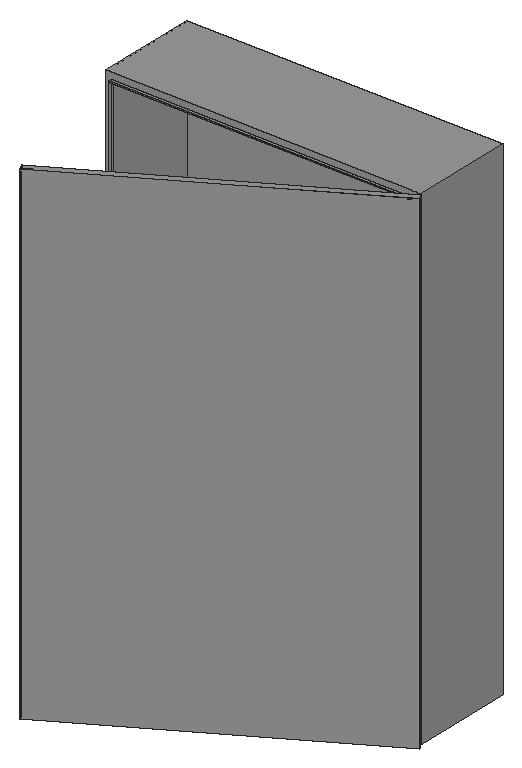
Revit family "Hager-Univers-IP55-D275-H1250-Cl.I-Steel_encl-NoHosted-AT-de", category Equipement électrique, Revit 2020
Family settings
  Configuration du panneau = Deux colonnes, circuits au sein
  Cote de connecteur circulaire = Utiliser le diamètre
  Type d'élément = Tableau de raccordement
  Basée sur le plan de construction = Oui
  Toujours verticalement = Oui
  Couper avec des vides une fois chargée = Non
  Partagée = Non
  Point de calcul de pièce = Non
Parameters (values of type "Aufputz IP55 B800 H1250 T275  - FR83E")
  Width Control [instance] = if([EF000008 - Breite] > Min Width, [EF000008 - Breite], Min Width)  # 800 mm
  Commentaires du type = [HG000003 - Bereich]  # "Univers"
  Thickness Door [instance] = if([EF009171 - Materialstärke Tür/Deckel] > 3 mm, 3 mm, [EF009171 - Materialstärke Tür/Deckel])  # 1.5 mm
  Seal Frame Offset [instance] = 17 mm  # constant formula
  Plinth Visibility [instance] = [HG000027 - Sockelhöhe] > 0 mm  # no
  Min Width [instance] = 100 mm  # constant formula
  Min Depth [instance] = (2 * [EF009170 - Materialstärke Gehäuse]) + 1 mm  # 4 mm
  Min Height [instance] = 100 mm  # constant formula
  Internal Frame Depth [instance] = (Door System Depth * 0.5)  # 9 mm
  Panel Name [instance] = ""  # (empty or 0)
  Model = ""
  HG000027 - Sockelhöhe = 0 mm
  HG000026 - Stehend auf dem Boden = no
  HG000024 - Höhe des unteren Teils = 600 mm
  HG000023 - Gehäuse mit doppeltem Querschnitt = no
  HG000016 - 3D-Türsichtbarkeit [instance] = yes
  HG000015 - Sichtbarkeit der Türöffnung [instance] = no
  HG000014 - Tür rechts [instance] = yes
  HG000013 - Tür links [instance] = not([HG000014 - Tür rechts])  # no
  HG000012 - Türschwenkwinkel [instance] = 30.00°
  HG000010 - Asymmetrische Türen = no
  HG000009 - Doppelflügeligen Tür = no
  HG000006 - Unterputz = no
  HG000004 - Herstellerreferenz = "FR83E"
  HG000003 - Bereich = "Univers"
  HG000002 - Mit tür = yes
  Frame Offset Bottom [instance] = 10 mm  # constant formula
  Frame Offset [instance] = 15 mm  # constant formula
  EF015940 - Deckel mit Überdruckentlastung = no
  EF011959 - Schutzart (NEMA) = ""
  EF009554 - Anzahl der Öffnungen für Flanschplatten = 6
  EF009212 - Ausführung Deckel = "EV000116 - geschlossen"
  EF009171 - Materialstärke Tür/Deckel = 1.5 mm
  EF009170 - Materialstärke Gehäuse = 1.5 mm
  EF008873 - Nennstrom (In) = 800 A
  EF007800 - Geeignet für Blitzschutz = no
  EF006306 - Mit Schloss = no
  EF006244 - Transparenter Deckel/Tür = no
  EF005474 - Schutzart (IP) = "EV006420 - IP55"
  EF004464 - Art der Tür = "EV002646 - Einzel"
  EF004427 - Anzahl der Module = 288
  EF004293 - Schlagfestigkeit = "EV008784 - IK10"
  EF003532 - Geeignet für Außengebrauch = no
  EF002950 - Breite in Teilungseinheiten = 24
  EF001613 - Funktionserhalt = "EV000494 - ohne"
  EF001596 - Werkstoff des Gehäuses = "EV000179 - Stahl"
  EF001131 - Innentiefe = 275 mm
  EF001088 - Anbaumöglichkeit = yes
  EF000437 - Anzahl der Leitungseinführungen = 6
  EF000339 - Art der Abdeckung = "EV004216 - Tür"
  EF000266 - Anzahl der Reihen = 8
  EF000218 - Einbautiefe = 0 mm
  EF000118 - Mit Montageplatte = no
  EF000116 - RAL-Nummer = "7035"
  EF000049 - Tiefe = 275 mm
  EF000040 - Höhe = 1250 mm
  EF000008 - Breite = 800 mm
  EF000007 - Farbe = "EV000270 - grau"
  EF000003 - Montageart = "EV000384 - Aufputz"
  Door System Leaf Tolerance [instance] = 1.5 mm  # constant formula
  Door System Depth [instance] = 18 mm  # constant formula
  Door Height [instance] = Height Control - [HG000027 - Sockelhöhe]  # 1250 mm
  Description = ""
  Default Elevation = 1219.2 mm
  Connector Offset [instance] = Height Control / 2  # 625 mm
  Fabricant = "Hager"  # constant formula
  Height Control [instance] = if([EF000040 - Höhe] > Min Height, [EF000040 - Höhe], Min Height)  # 1250 mm
  Depth Control [instance] = if([EF000049 - Tiefe] > Min Depth, [EF000049 - Tiefe], Min Depth)  # 275 mm
  Bottom Top Plate Trim [instance] = 1.5 mm  # constant formula
  Plinth height Ctrl [instance] = if([HG000027 - Sockelhöhe] > 0 mm, [HG000027 - Sockelhöhe], 12 mm)  # 12 mm
Types (5, lengths in mm): name | Width Control | HG000010 - Asymmetrische Türen | HG000009 - Doppelflügeligen Tür | HG000004 - Herstellerreferenz | EF009554 - Anzahl der Öffnungen für Flanschplatten | EF004464 - Art der Tür | EF004427 - Anzahl der Module | EF000437 - Anzahl der Leitungseinführungen | EF000008 - Breite
  Aufputz IP55 B1050 H1250 T275  - FR84E | 1050 | no | yes | "FR84E" | 8 | "EV003602 - Doppel" | 384 | 8 | 1050
  Aufputz IP55 B1300 H1250 T275  - FR85E | 1300 | yes | yes | "FR85E" | 10 | "EV003602 - Doppel" | 480 | 10 | 1300
  Aufputz IP55 B300 H1250 T275  - FR81E | 300 | no | no | "FR81E" | 2 | "EV002646 - Einzel" | 96 | 2 | 300
  Aufputz IP55 B550 H1250 T275  - FR82E | 550 | no | no | "FR82E" | 4 | "EV002646 - Einzel" | 192 | 4 | 550
  Aufputz IP55 B800 H1250 T275  - FR83E | 800 | no | no | "FR83E" | 6 | "EV002646 - Einzel" | 288 | 6 | 800
Reference planes
  plane 1 "Center (Front/Back)": y = 0
  plane 2: z = 0
  plane 3 "Center (Left/Right)": x = 0
  plane 4: y = 0
  plane 5: y = 0
  plane 6: z = 0
  plane 7: x = -400
  plane 8: x = 400
  plane 9: x = 398.5
  plane 10: x = -398.5
  plane 11: z = 0
  plane 12: z = 1.5
  plane 13: y = -275
  plane 14: y = -1.5
  plane 15: x = 0
  plane 16: y = -257
  plane 17: y = -273.5
  plane 18: y = -255.5
  plane 19: x = -383.5
  plane 20: x = 383.5
  plane 21: z = 11.5
  plane 22: x = -383
  plane 23: x = 383
  plane 24: z = 0
  plane 25: z = 1250
  plane 26: z = 1250
  plane 27: z = 1233.5
  plane 28: z = 1248.5
Forms (mm)
  Extrusion 1, solid, material "Hager_Steel_RAL7035_Light_Grey", detail levels medium+fine
    sketch origin (-208.679, -4572, 0) x (-1, 0, 0) y (0, -1, 0)
      loop
        line (191.321, -4315) -> (-608.679, -4315) -> (-608.679, -4572) -> (191.321, -4572) -> (191.321, -4315)
    from 0 to 1250
  Extrusion 2, void
    sketch origin (-350.771, -275, 1219.2) x (1, 0, 0) y (0, 0, 1)
      loop
        line (-47.729, 29.3) -> (-47.729, -1217.7) -> (749.271, -1217.7) -> (749.271, 29.3) -> (-47.729, 29.3)
    from -19.5 to -273.5
  Extrusion 3, void
    sketch origin (-290.084, -257, 1219.2) x (1, 0, 0) y (0, 0, 1)
      loop
        line (-93.416, -1207.7) -> (673.584, -1207.7) -> (673.584, 14.3) -> (-93.416, 14.3) -> (-93.416, -1207.7)
    from 0 to -1.5
  Extrusion 4, solid, material "Hager_Steel_RAL7035_Light_Grey", visible <- "Plinth Visibility", detail levels medium+fine
    sketch origin (0, 0, 0) x (1, 0, 0) y (0, 1, 0)
      loop
        line (-400, 0) -> (-400, -257) -> (400, -257) -> (400, 0) -> (-400, 0)
    from 0 to 12 <- "Plinth height Ctrl"
  Extrusion 5, solid, material "Hager_Steel_RAL7035_Light_Grey", detail levels coarse
    sketch origin (0, 0, 0) x (1, 0, 0) y (0, 1, 0)
      loop
        line (-400, 0) -> (-400, -275) -> (400, -275) -> (400, 0) -> (-400, 0)
    from 0 to 1250 <- "Height Control"
  Sweep 6, void
    path in 3D
      loop
        line (-400, -257, 12) -> (400, -257, 12) -> (400, 0, 12) -> (-400, 0, 12) -> (-400, -257, 12)
    profile origin (-400, -128.5, 12) x (1, 0, 0) y (0, 0, 1)
      loop
        line (0, 0) -> (0, -1.5) -> (1.5, -1.5)
        arc (1.5, -1.5) -> (1.061, -0.439) -> (0, 0) r 1.5
  Extrusion 7, solid, material "Hager_Steel_RAL7035_Light_Grey", detail levels fine
    sketch origin (-400, -257, 0) x (1, 0, 0) y (0, 0, 1)
      loop
        line (16.5, 11.5) -> (783.5, 11.5) -> (783.5, 1233.5) -> (16.5, 1233.5) -> (16.5, 11.5)
      loop
        line (15, 10) -> (785, 10) -> (785, 1235) -> (15, 1235) -> (15, 10)
    from 0 to 9 <- "Internal Frame Depth"
Cuts and joins
  Extrusion 2, Extrusion 3 cuts Extrusion 1
  Sweep 6 cuts Extrusion 4
Lines and regions (mm)
  Masking region 1
    outline origin (0, 0, 0) x (1, 0, 0) y (0, 1, 0)
      loop
        line (-400, 0) -> (-400, -275) -> (400, -275) -> (400, 0) -> (-400, 0)
  Masking region 2, detail levels coarse
    outline origin (-290.084, -257, 1219.2) x (-1, 0, 0) y (0, 0, 1)
      loop
        line (-690.084, -1219.2) -> (109.916, -1219.2) -> (109.916, 30.8) -> (-690.084, 30.8) -> (-690.084, -1219.2)
  Masking region 3, detail levels coarse
    outline origin (0, 0, 0) x (0, 1, 0) y (0, 0, 1)
      loop
        line (0, 0) -> (0, 1250) -> (-275, 1250) -> (-275, 0) -> (0, 0)
  Masking region 4, visible <- "Plinth Visibility", detail levels medium+fine
    outline origin (0, 0, 0) x (0, 1, 0) y (0, 0, 1)
      loop
        line (-1.5, 12) -> (-255.5, 12)
        arc (-255.5, 12) -> (-255.939, 10.939) -> (-257, 10.5) r 1.5
        line (-257, 10.5) -> (-257, 0) -> (0, 0) -> (0, 10.5)
        arc (0, 10.5) -> (-1.061, 10.939) -> (-1.5, 12) r 1.5
  Masking region 5, detail levels medium+fine
    outline origin (0, 0, 594.038) x (0, 1, 0) y (0, 0, 1)
      loop
        line (0, -594.038) -> (0, 655.962) -> (-257, 655.962) -> (-257, -594.038) -> (0, -594.038)
  Masking region 6, detail levels medium+fine
    outline origin (-359.7, -257, 1211.883) x (-1, 0, 0) y (0, 0, 1)
      loop
        line (-759.7, -1211.883) -> (40.3, -1211.883) -> (40.3, 38.117) -> (-759.7, 38.117) -> (-759.7, -1211.883)
  Masking region 7, visible <- "Plinth Visibility", detail levels medium+fine
    outline origin (-320.334, -257, 1041.368) x (-1, 0, 0) y (0, 0, 1)
      loop
        line (-720.334, -1041.368) -> (79.666, -1041.368) -> (79.666, -1030.868)
        arc (79.666, -1030.868) -> (78.606, -1030.429) -> (78.166, -1029.368) r 1.5
        line (78.166, -1029.368) -> (-718.834, -1029.368)
        arc (-718.834, -1029.368) -> (-719.273, -1030.429) -> (-720.334, -1030.868) r 1.5
        line (-720.334, -1030.868) -> (-720.334, -1041.368)
  sketch lines
    curve 1: line (-400, 0, 12) -> (-400, -257, 12)
    curve 2: line (-400, -257, 12) -> (400, -257, 12)
    curve 3: line (400, 0, 12) -> (-400, 0, 12)
    curve 4: line (400, -257, 12) -> (400, 0, 12)
Dimensions and locks
  locked: plane 1 "Center (Front/Back)" to plane 5
  "EF009170 - Materialstärke Gehäuse": plane 7 to plane 10
  "EF009170 - Materialstärke Gehäuse": plane 8 to plane 9
  equal spacing: plane 7, plane 3 "Center (Left/Right)", plane 8
  "Width Control": plane 7 to plane 8
  "Depth Control": plane 4 to plane 13
  "EF009170 - Materialstärke Gehäuse": plane 4 to plane 14
  "Height Control": plane 25 to level
  "HG000027 - Sockelhöhe": plane 11 to level
  "EF009170 - Materialstärke Gehäuse": plane 12 to plane 11
  "EF009170 - Materialstärke Gehäuse": plane 17 to plane 13
  "EF009170 - Materialstärke Gehäuse": plane 18 to plane 16
  "Frame Offset Bottom": plane 21 to plane 12
  "Frame Offset": plane 10 to plane 19
  "Frame Offset": plane 9 to plane 20
  "Door System Depth": plane 16 to plane 13
  "Seal Frame Offset": plane 7 to plane 22
  "Seal Frame Offset": plane 8 to plane 23
  "EF009170 - Materialstärke Gehäuse": plane 26 to plane 28
  "Frame Offset": plane 28 to plane 27
  "Connector Offset": plane 2 to connector elem
  "Bottom Top Plate Trim": profile plane to Sweep 6 sketch curve
  "Bottom Top Plate Trim": Sweep 6 sketch curve to Sweep 6 sketch curve
  "Plinth height Ctrl": Masking region 4 sketch curve to level
  "Plinth height Ctrl": Masking region 7 sketch curve to level
  "Thickness Door": Extrusion 7 sketch curve to Extrusion 7 sketch curve  (x4)
  "Bottom Top Plate Trim": radius of Sweep 6 sketch curve
  "Bottom Top Plate Trim": radius of Masking region 4 sketch curve  (x2)
  "Bottom Top Plate Trim": radius of Masking region 7 sketch curve  (x2)
  aligned and locked: Extrusion 2 sketch curve to plane 12
  aligned and locked: Extrusion 2 sketch curve to plane 9
  aligned and locked: Extrusion 2 sketch curve to plane 10
  aligned and locked: Extrusion 2 to plane 14
  aligned and locked: Extrusion 1 sketch curve to plane 4
  aligned and locked: plane 8 to Extrusion 1 sketch curve
  aligned and locked: plane 7 to Extrusion 1 sketch curve
  aligned and locked: Extrusion 2 to plane 18
  aligned and locked: Extrusion 3 sketch curve to plane 19
  aligned and locked: plane 20 to Extrusion 3 sketch curve
  aligned and locked: Extrusion 3 to Extrusion 2
  aligned and locked: Extrusion 3 sketch curve to plane 21
  aligned and locked: plane 3 "Center (Left/Right)" to nested 1
  aligned and locked: Extrusion 1 sketch curve to plane 16
  aligned and locked: Extrusion 4 sketch curve to cut or joined group of Extrusion 1, Extrusion 2, Extrusion 3
  aligned and locked: Masking region 1 sketch curve to plane 7
  aligned and locked: Masking region 1 sketch curve to plane 5
  aligned and locked: Masking region 1 sketch curve to plane 8
  aligned and locked: Masking region 2 sketch curve to level
  aligned and locked: level to Masking region 3 sketch curve
  aligned and locked: plane 1 "Center (Front/Back)" to Masking region 3 sketch curve
  aligned and locked: plane 13 to Masking region 3 sketch curve
  aligned and locked: plane 5 to Masking region 4 sketch curve
  aligned and locked: Masking region 2 sketch curve to plane 8
  aligned and locked: Masking region 2 sketch curve to plane 7
  aligned and locked: plane 7 to nested 2
  aligned and locked: nested 2 to plane 5
  aligned and locked: plane 5 to Masking region 5 sketch curve
  aligned and locked: plane 26 to Masking region 5 sketch curve
  aligned and locked: Extrusion 5 sketch curve to plane 8
  aligned and locked: Extrusion 5 sketch curve to plane 7
  aligned and locked: Extrusion 5 sketch curve to plane 5
  aligned and locked: Extrusion 3 sketch curve to plane 27
  aligned and locked: Extrusion 2 sketch curve to plane 28
  aligned and locked: Masking region 2 to plane 25
  aligned and locked: Extrusion 4 to plane 16
  aligned and locked: profile plane to Sweep 6 sketch curve
  aligned and locked: Masking region 5 sketch curve to plane 24
  aligned and locked: level to Masking region 4 sketch curve
  aligned and locked: Masking region 1 to plane 13
  aligned and locked: nested 1 to plane 16
  aligned and locked: Masking region 3 to plane 25
  aligned and locked: plane 16 to Masking region 4 sketch curve
  aligned and locked: Masking region 5 sketch curve to plane 16
  aligned and locked: plane 24 to plane 11
  aligned and locked: plane 26 to plane 25
  aligned and locked: plane 26 to cut or joined group of Extrusion 1, Extrusion 2, Extrusion 3
  aligned and locked: nested 1 to plane 24
  aligned and locked: Extrusion 1 to Extrusion 3
  aligned and locked: Masking region 6 sketch curve to plane 8
  aligned and locked: Masking region 6 sketch curve to plane 24
  aligned and locked: Masking region 6 sketch curve to plane 7
  aligned and locked: Masking region 6 sketch curve to plane 26
  aligned and locked: Masking region 7 sketch curve to plane 7
  aligned and locked: level to Masking region 7 sketch curve
  aligned and locked: Masking region 7 sketch curve to plane 8
  aligned and locked: Extrusion 7 sketch curve to cut or joined group of Extrusion 1, Extrusion 2, Extrusion 3  (x4)
Automatic sketch dimensions
  plane 19 to Extrusion 3 sketch curve = 0 mm
  Extrusion 3 sketch curve to plane 20 = 0 mm
  Extrusion 3 sketch curve to plane 21 = 0 mm
  Extrusion 4 sketch curve to plane 7 = 0 mm
  Extrusion 4 sketch curve to plane 8 = 0 mm
  Extrusion 4 sketch curve to plane 16 = 0 mm
  Masking region 1 sketch curve to plane 13 = 0 mm
  Masking region 2 sketch curve to plane 25 = 0 mm
  Masking region 3 sketch curve to plane 25 = 0 mm
  Extrusion 5 sketch curve to plane 13 = 0 mm
  profile plane to Sweep 6 sketch curve = 0 mm
Nested families
  nested 1: "EC000058_Univers_Door" at (0, -257, 0), Double <- "HG000009 - Doppelflügeligen Tür", Transparent <- "EF006244 - Transparenter Deckel/Tür", Angle <- "HG000012 - Türschwenkwinkel", Door_Right <- "HG000014 - Tür rechts", Assymetrical <- "HG000010 - Asymmetrische Türen", Door <- "HG000002 - Mit tür", Width_Ctrl <- "Width Control", 3d_Door <- "HG000016 - 3D-Türsichtbarkeit", Clearance <- "HG000015 - Sichtbarkeit der Türöffnung", Door_Left <- "HG000013 - Tür links", Width <- "Width Control", Door_Depth <- "Door System Depth", Leaf_Tolerance <- "Door System Leaf Tolerance", Height <- "Door Height", Lock_Visibility <- "EF006306 - Mit Schloss", Thickness <- "Thickness Door", type "EC000058_Univers_Door", detail levels medium+fine
    with min_wh 4 mm, Width_Ctrl 800 mm, Width 800 mm, Transparent no, Thickness 1.5 mm, Seal_Material Hager_Rubber, Lock_Visibility no, Lock_Material Hager_Plastic_RAL9005_Jet_Black, Leaf_Width 800 mm, Leaf_Tolerance_External_Sides 0 mm, Leaf_Tolerance 1.5 mm, Leaf_Offset 0 mm, Leaf_Height 1247 mm, Leaf_2_Width 800 mm, Leaf_2_Offset 400 mm, Leaf_1_Width 800 mm, Leaf_1_Offset 400 mm, Height_Ctrl 1250 mm, Height 1250 mm, Glass_Material Hager_Glass, Double_Clearance_Ctrl no, Double no, Door_Right_Ctrl yes, Door_Right yes, Door_Material Hager_Steel_RAL7035_Light_Grey, Door_Left_Ctrl no, Door_Left no, Door_Depth 18 mm, Door yes, Clearance_Material Hager_Clearance, Clearance_Depth 800 mm, Clearance_Ctrl no, Clearance no, Assymetrical no, Angle 30.00°, 3d_Door yes
  nested 2: "Hager_Enclosure_Symbol" at (-400, 0, 0), Height <- "Depth Control", Width <- "Width Control", type "Hager_Enclosure_Symbol"
    with Width_Ctrl 800 mm, Width 800 mm, Height_Ctrl 275 mm, Height 275 mm, A_Width_Int 18.047 mm, A_Width 216.562 mm, A_Height_Ctrl 240.625 mm, A_Height 240.625 mm
Connectors
  electrical at (0, 0, 625)
    settings: on plane 1 "Center (Front/Back)", index 1, voltage 0 V, apparent load 0 VA, apparent load phase1 0 VA, apparent load phase2 0 VA, apparent load phase3 0 VA, power factor 1, load classification "Other", number of poles 1, system type 30, power factor state 1, is connector primary yes, connector utility no, sub classification motor no, connector description ""
Definition of nested family "EC000058_Univers_Door"
  Parameters (values of type "EC000058_Univers_Door")
    min_wh [instance] = (2 * Thickness) + 1 mm  # 11 mm
    Width_Ctrl [instance] = 400 mm
    Width [instance] = 500 mm
    Transparent [instance] = yes
    Thickness [instance] = 5 mm
    Seal_Material [instance] = none
    Lock_Visibility [instance] = yes
    Lock_Material [instance] = none
    Leaf_Width [instance] = if((Width_Ctrl - 2 * Leaf_Tolerance_External_Sides) > 0 mm, (Width_Ctrl - 2 * Leaf_Tolerance_External_Sides), min_wh)  # 400 mm
    Leaf_Tolerance_External_Sides [instance] = 0 mm  # constant formula
    Leaf_Tolerance [instance] = 1.5 mm
    Leaf_Offset [instance] = 0 mm  # constant formula
    Leaf_Height [instance] = if((Height_Ctrl - 2 * Leaf_Tolerance) > 0 mm, (Height_Ctrl - 2 * Leaf_Tolerance), min_wh)  # 497 mm
    Leaf_2_Width [instance] = if(and(and(Double, Assymetrical), Door_Left), (Leaf_Width / 3) - (Leaf_Tolerance / 2), if(and(and(Double, Assymetrical), Door_Right), (Leaf_Width / 3) * 2 - (Leaf_Tolerance / 2), if(and(Double, not(Assymetrical)), (Leaf_Width / 2) - Leaf_Tolerance, Leaf_Width)))  # 400 mm
    Leaf_2_Offset [instance] = if(and(Double, Assymetrical), Leaf_2_Width / 2, if(and(Double, not(Assymetrical)), Leaf_Width / 4, Leaf_Width / 2))  # 200 mm
    Leaf_1_Width [instance] = if(and(and(Double, Assymetrical), Door_Right), (Leaf_Width / 3) - (Leaf_Tolerance / 2), if(and(and(Double, Assymetrical), Door_Left), (Width / 3) * 2 - (Leaf_Tolerance / 2), if(and(Double, not(Assymetrical)), (Leaf_Width / 2) - Leaf_Tolerance, Leaf_Width)))  # 400 mm
    Leaf_1_Offset [instance] = if(and(Double, Assymetrical), Leaf_1_Width / 2, if(and(Double, not(Assymetrical)), Leaf_Width / 4, Leaf_Width / 2))  # 200 mm
    Height_Ctrl [instance] = if(Height > min_wh, Height, min_wh)  # 500 mm
    Height [instance] = 500 mm
    Glass_Material [instance] = none
    Double_Clearance_Ctrl [instance] = and(Double, Clearance)  # no
    Double [instance] = no
    Door_Right_Ctrl [instance] = and(or(Door_Right, Double), Door)  # yes
    Door_Right [instance] = yes
    Door_Material [instance] = none
    Door_Left_Ctrl [instance] = and(or(Door_Left, Double), Door)  # no
    Door_Left [instance] = no
    Door_Depth [instance] = 30 mm
    Door [instance] = yes
    Default Elevation = 1219.2 mm
    Clearance_Material [instance] = none
    Clearance_Depth [instance] = if(Leaf_1_Width > Leaf_2_Width, Leaf_1_Width, Leaf_2_Width)  # 400 mm
    Clearance_Ctrl [instance] = and(not(Double), Clearance)  # yes
    Clearance [instance] = yes
    Assymetrical [instance] = yes
    Angle [instance] = 30.00°
    3d_Door [instance] = yes
  Reference planes
    plane 1 "Center (Front/Back)": y = 0
    plane 2 "Bottom": z = 0
    plane 3 "Center (Left/Right)": x = 0
    plane 4: z = 500
    plane 5: x = -200
    plane 6: x = 200
    plane 7: z = 500
    plane 8: x = -200
    plane 9: z = 0
    plane 10: x = 200
    plane 11: y = 0
    plane 12: z = 1.5
    plane 13: x = -600
    plane 14: y = -400
    plane 15: x = 600
    plane 16: x = 0
    plane 17: x = 0
    plane 18: x = -200
    plane 19: x = 200
    plane 20: z = 498.5
  Forms (mm)
    Extrusion 1, solid, material <- "Clearance_Material", visible <- "Double_Clearance_Ctrl"
      sketch origin (1200, 0, 0) x (1, 0, 0) y (0, 0, -1)
        loop
          line (-1800, -498.5) -> (-600, -498.5) -> (-600, 0) -> (-1800, 0) -> (-1800, -498.5)
      from 0 to -400
  Dimensions and locks
    equal spacing: plane 5, plane 3 "Center (Left/Right)", plane 6
    "Width_Ctrl": plane 5 to plane 6
    "Leaf_Offset": plane 5 to plane 8
    "Leaf_Offset": plane 6 to plane 10
    "Leaf_Offset": plane 9 to level
    "Leaf_Offset": plane 4 to plane 7
    "Height_Ctrl": plane 4 to level
    "Leaf_Tolerance": plane 12 to plane 9
    locked: plane 11 to plane 1 "Center (Front/Back)"
    "Leaf_1_Offset": plane 18 to plane 16
    "Leaf_2_Offset": plane 17 to plane 19
    "Leaf_1_Width": plane 13 to plane 8
    "Leaf_2_Width": plane 10 to plane 15
    "Clearance_Depth": plane 14 to plane 1 "Center (Front/Back)"
    "Leaf_Tolerance_External_Sides": plane 8 to plane 18
    "Leaf_Tolerance_External_Sides": plane 19 to plane 10
    "Leaf_Tolerance": plane 7 to plane 20
    aligned and locked: level to plane 2 "Bottom"
    aligned and locked: nested 1 to plane 16
    aligned and locked: nested 2 to plane 17
    aligned and locked: Extrusion 1 to plane 13
    aligned and locked: plane 15 to Extrusion 1
    aligned and locked: Extrusion 1 to plane 14
    aligned and locked: plane 12 to nested 1
    aligned and locked: nested 2 to plane 12
    aligned and locked: Extrusion 1 to plane 11
    aligned and locked: plane 20 to Extrusion 1
    aligned and locked: nested 2 to plane 11
    aligned and locked: nested 1 to plane 11
  Automatic sketch dimensions
    Extrusion 1 sketch curve to level = 0 mm
    plane 5 to Extrusion 1 sketch curve = 400 mm
    plane 6 to Extrusion 1 sketch curve = 400 mm
    Extrusion 1 sketch curve to plane 4 = 1.5 mm
  Nested families
    nested 1: "EC000058_Univers_Door_Leaf" at (0, 0, 1.5), Width <- "Leaf_1_Width", visible <- "Door_Left_Ctrl", Leaf_Height <- "Leaf_Height", Angle <- "Angle", 3d_Door <- "3d_Door", Transparent <- "Transparent", Clearance Material <- "Clearance_Material", Clearance <- "Clearance_Ctrl", Door_Material <- "Door_Material", Glass_Material <- "Glass_Material", Door_Depth <- "Door_Depth", Lock_Material <- "Lock_Material", Seal_Material <- "Seal_Material", Lock_Visibility <- "Lock_Visibility", Thickness <- "Thickness", type "EC000058_Univers_Door_Leaf"
      with Width 400 mm, Transparent_Glass_Offset 30 mm, Transparent_Ctrl yes, Transparent yes, Thickness 5 mm, Standard no, Seal_Material none, Seal_D2 8 mm, Seal_D1 1 mm, Offset_Internal_Frame 10 mm, Lock_Width 20 mm, Lock_Visibility_3d yes, Lock_Visibility yes, Lock_Thickness_3 3 mm, Lock_Thickness_2 1 mm, Lock_Thickness_1 3 mm, Lock_Radius_Offset_2 16 mm, Lock_Radius_Offset_1 15 mm, Lock_Radius_2 5 mm, Lock_Radius 6 mm, Lock_Offset 5 mm, Lock_Material none, Lock_Height 80 mm, Lock_Cover_Top_Offset_2d 17 mm, Lock_Cover_Height -65 mm, Leaf_Height 497 mm, Internal_Seal_Thickness 8 mm, Internal_Seal_Depth_2 4.5 mm, Internal_Frame_Depth 25 mm, Glass_Thickness -1 mm, Glass_Offset -2 mm, Glass_Material none, Door_Material none, Door_Depth 30 mm, Clearance Material none, Clearance yes, Angle_Ctrl 30.00°, Angle 30.00°, 3d_Door yes
    nested 2: "EC000058_Univers_Door_Leaf" at (0, 0, 1.5) x (-1, 0, 0) z (0, 0, 1), Width <- "Leaf_2_Width", visible <- "Door_Right_Ctrl", Leaf_Height <- "Leaf_Height", Angle <- "Angle", 3d_Door <- "3d_Door", Transparent <- "Transparent", Clearance Material <- "Clearance_Material", Clearance <- "Clearance_Ctrl", Door_Material <- "Door_Material", Glass_Material <- "Glass_Material", Door_Depth <- "Door_Depth", Lock_Material <- "Lock_Material", Seal_Material <- "Seal_Material", Lock_Visibility <- "Lock_Visibility", Thickness <- "Thickness", type "EC000058_Univers_Door_Leaf"
      with Width 400 mm, Transparent_Glass_Offset 30 mm, Transparent_Ctrl yes, Transparent yes, Thickness 5 mm, Standard no, Seal_Material none, Seal_D2 8 mm, Seal_D1 1 mm, Offset_Internal_Frame 10 mm, Lock_Width 20 mm, Lock_Visibility_3d yes, Lock_Visibility yes, Lock_Thickness_3 3 mm, Lock_Thickness_2 1 mm, Lock_Thickness_1 3 mm, Lock_Radius_Offset_2 16 mm, Lock_Radius_Offset_1 15 mm, Lock_Radius_2 5 mm, Lock_Radius 6 mm, Lock_Offset 5 mm, Lock_Material none, Lock_Height 80 mm, Lock_Cover_Top_Offset_2d 17 mm, Lock_Cover_Height -65 mm, Leaf_Height 497 mm, Internal_Seal_Thickness 8 mm, Internal_Seal_Depth_2 4.5 mm, Internal_Frame_Depth 25 mm, Glass_Thickness -1 mm, Glass_Offset -2 mm, Glass_Material none, Door_Material none, Door_Depth 30 mm, Clearance Material none, Clearance yes, Angle_Ctrl 30.00°, Angle 30.00°, 3d_Door yes
  Definition of nested family "EC000058_Univers_Door_Leaf"
    Parameters (values of type "EC000058_Univers_Door_Leaf")
      Width [instance] = 2000 mm
      Transparent_Glass_Offset [instance] = 30 mm
      Transparent_Ctrl [instance] = and(Transparent, [3d_Door])  # yes
      Transparent [instance] = yes
      Thickness [instance] = 5 mm
      Standard [instance] = and(not(Transparent), [3d_Door])  # no
      Seal_Material [instance] = none
      Seal_D2 [instance] = 8 mm  # constant formula
      Seal_D1 [instance] = 1 mm  # constant formula
      Offset_Internal_Frame [instance] = 10 mm  # constant formula
      Lock_Width [instance] = 20 mm  # constant formula
      Lock_Visibility_3d [instance] = and(Lock_Visibility, [3d_Door])  # yes
      Lock_Visibility [instance] = yes
      Lock_Thickness_3 [instance] = 3 mm  # constant formula
      Lock_Thickness_2 [instance] = 1 mm  # constant formula
      Lock_Thickness_1 [instance] = 3 mm  # constant formula
      Lock_Radius_Offset_2 [instance] = Lock_Radius_Offset_1 + 1 mm  # 16 mm
      Lock_Radius_Offset_1 [instance] = 15 mm  # constant formula
      Lock_Radius_2 [instance] = Lock_Radius - 1 mm  # 5 mm
      Lock_Radius [instance] = 6 mm  # constant formula
      Lock_Offset [instance] = 5 mm  # constant formula
      Lock_Material [instance] = none
      Lock_Height [instance] = 80 mm  # constant formula
      Lock_Cover_Top_Offset_2d [instance] = Lock_Radius_Offset_2 + 1 mm  # 17 mm
      Lock_Cover_Height [instance] = -(Lock_Height - Lock_Radius_Offset_1)  # -65 mm
      Leaf_Height [instance] = 2720.336 mm
      Internal_Seal_Thickness [instance] = 8 mm  # constant formula
      Internal_Seal_Depth_2 [instance] = 4.5 mm  # constant formula
      Internal_Frame_Depth [instance] = if(Door_Depth - Thickness > 5 mm, Door_Depth - Thickness, 5 mm)  # 25 mm
      Glass_Thickness [instance] = if(Thickness > 15 mm, Glass_Offset + 10 mm, -1 mm)  # -1 mm
      Glass_Offset [instance] = if(Thickness > 15 mm, -(Thickness + 10 mm) / 2, -2 mm)  # -2 mm
      Glass_Material [instance] = none
      Door_Material [instance] = none
      Door_Depth [instance] = 30 mm
      Default Elevation = 0 mm
      Clearance Material [instance] = none
      Clearance [instance] = yes
      Angle_Ctrl [instance] = if(Angle > 180.00°, 180.00°, Angle)  # 90.00°
      Angle [instance] = 90.00°
      3d_Door [instance] = yes
    Reference planes
      plane 1 "Center (Front/Back)": y = 0
      plane 2: z = 0
      plane 3 "Center (Left/Right)": x = 0
      plane 4: y = 2000
      plane 5: x = -1000
      plane 6: x = 1000
      plane 7: x = -3000
      plane 8: z = 2720.336
      plane 9: z = 30
      plane 10: z = 2690.336
      plane 11: x = 970
      plane 12: x = -970
      plane 13: y = -3
      plane 14: z = 107.833
      plane 15: y = -5
      plane 16: y = -223.314
      plane 17: x = -1000
      plane 18: z = 1360.168
      plane 19: y = 30
    Forms (mm)
      Extrusion 1, solid, material <- "Clearance Material", visible <- "Clearance"
        sketch origin (0, 0, 0) x (1, 0, 0) y (0, 0, 1)
          loop
            line (-3000, 2720.336) -> (-3000, 0) -> (1000, 0) -> (1000, 2720.336) -> (-3000, 2720.336)
        from 0 to -2000
      Extrusion 2, solid, material <- "Door_Material", visible <- "Standard", detail levels medium+fine
        sketch origin (-1000, 0, 0) x (0, 1, 0) y (-1, 0, 0)
          loop
            line (0, 30) -> (0, 25) -> (2000, 25) -> (2000, 30) -> (0, 30)
        from 0 to 2720.336 <- "Leaf_Height"
      Extrusion 3, solid, material <- "Door_Material", visible <- "Transparent_Ctrl", detail levels medium+fine
        sketch origin (-1000, 0, 0) x (0, 1, 0) y (-1, 0, 0)
          loop
            line (0, 25) -> (2000, 25) -> (2000, 30) -> (0, 30) -> (0, 25)
        from 0 to 2720.336 <- "Leaf_Height"
      Extrusion 4, void
        sketch origin (-1025, 2000, 0) x (0, 1, 0) y (0, 0, -1)
          loop
            line (-30, -2690.336) -> (-30, -30) -> (-1970, -30) -> (-1970, -2690.336) -> (-30, -2690.336)
        from 0 to 5 <- "Thickness"
      Sweep 5, solid, material <- "Seal_Material", visible <- "Transparent_Ctrl", detail levels fine
        path in 3D
          loop
            line (-1025, 30, 30) -> (-1025, 30, 2690.336) -> (-1025, 1970, 2690.336) -> (-1025, 1970, 30) -> (-1025, 30, 30)
        profile origin (-1025, 1000, 30) x (1, 0, 0) y (0, 0, 1)
          loop
            line (0, 0) -> (0, -8) -> (1, -8) -> (1, 0) -> (0, 0)
      Extrusion 6, solid, material <- "Glass_Material", visible <- "Transparent_Ctrl", detail levels medium+fine
        sketch origin (-1030, 0, 0) x (0, 1, 0) y (0, 0, -1)
          loop
            line (1970, -2690.336) -> (1970, -30) -> (30, -30) -> (30, -2690.336) -> (1970, -2690.336)
        from -2 <- "Glass_Offset" to -1 <- "Glass_Thickness"
      Extrusion 7, solid, material <- "Door_Material", visible <- "3d_Door", detail levels medium+fine
        sketch origin (-1025, 2000, 0) x (0, -1, 0) y (0, 0, -1)
          loop
            line (0, -2720.336) -> (2000, -2720.336) -> (2000, 0) -> (0, 0) -> (0, -2720.336)
          loop
            line (1995, -5) -> (5, -5) -> (5, -2715.336) -> (1995, -2715.336) -> (1995, -5)
        from 0 to 25 <- "Internal_Frame_Depth"
      Sweep 8, solid, material <- "Seal_Material", visible <- "Transparent_Ctrl", detail levels fine
        path in 3D
          loop
            line (-1025, 0, 0) -> (-1025, 2000, 0) -> (-1025, 2000, 2720.336) -> (-1025, 0, 2720.336) -> (-1025, 0, 0)
        profile origin (-1025, 0, 1360.168) x (1, 0, 0) y (0, 1, 0)
          loop
            line (0, 10) -> (2.975, 10)
            arc (2.975, 10) -> (4.053, 10.447) -> (4.5, 11.525) r 1.525
            line (4.5, 11.525) -> (4.5, 16.527)
            arc (4.5, 16.527) -> (4.069, 17.569) -> (3.027, 18) r 1.473
            line (3.027, 18) -> (0, 18) -> (0, 10)
      Extrusion 9, solid, material <- "Lock_Material", visible <- "Lock_Visibility_3d", detail levels fine
        sketch origin (-1030, 0, 0) x (0, 1, 0) y (0, 0, -1)
          loop
            arc (1993.5, -1400.168) -> (1994.561, -1399.729) -> (1995, -1398.668) r 1.5
            line (1995, -1398.668) -> (1995, -1320.168) -> (1975, -1320.168) -> (1975, -1398.668)
            arc (1975, -1398.668) -> (1975.439, -1399.729) -> (1976.5, -1400.168) r 1.5
            line (1976.5, -1400.168) -> (1993.5, -1400.168)
        from 3 <- "Lock_Thickness_1" to 0
      Blend 10, solid, material <- "Lock_Material", visible <- "Lock_Visibility_3d", detail levels fine
        base sketch origin (-1033, 0, 0) x (0, 1, 0) y (0, 0, -1)
          loop
            line (1975, -1320.168) -> (1975, -1398.668)
            arc (1975, -1398.668) -> (1975.439, -1399.729) -> (1976.5, -1400.168) r 1.5
            line (1976.5, -1400.168) -> (1993.5, -1400.168)
            arc (1993.5, -1400.168) -> (1994.561, -1399.729) -> (1995, -1398.668) r 1.5
            line (1995, -1398.668) -> (1995, -1320.168) -> (1975, -1320.168)
        top sketch origin (-1033, 0, 0) x (0, 1, 0) y (0, 0, -1)
          loop
            line (1976, -1320.168) -> (1976, -1398.668)
            arc (1976, -1398.668) -> (1976.146, -1399.022) -> (1976.5, -1399.168) r 0.5
            line (1976.5, -1399.168) -> (1993.5, -1399.168)
            arc (1993.5, -1399.168) -> (1993.854, -1399.022) -> (1994, -1398.668) r 0.5
            line (1994, -1398.668) -> (1994, -1320.168) -> (1976, -1320.168)
        from 0 to 1 <- "Lock_Thickness_2"
      Blend 11, solid, material <- "Lock_Material", visible <- "Lock_Visibility_3d", detail levels fine
        base sketch origin (-1034, 0, 0) x (0, 1, 0) y (0, 0, -1)
          loop
            line (1978, -1320.168) -> (1978, -1384.168)
            arc (1978, -1384.168) -> (1985, -1391.168) -> (1992, -1384.168) r 7
            line (1992, -1384.168) -> (1992, -1320.168) -> (1978, -1320.168)
        top sketch origin (-1034, 0, 0) x (0, 1, 0) y (0, 0, -1)
          loop
            line (1991, -1320.168) -> (1979, -1320.168) -> (1979, -1383.168)
            arc (1979, -1383.168) -> (1985, -1389.168) -> (1991, -1383.168) r 6
            line (1991, -1383.168) -> (1991, -1320.168)
        from 0 to 3 <- "Lock_Thickness_3"
      Extrusion 12, solid, material <- "Lock_Material", visible <- "Lock_Visibility_3d", detail levels fine
        sketch origin (-1030, 1975, 1320.168) x (1, 0, 0) y (0, -1, 0)
          loop
            line (-7, -19) -> (-7, -1) -> (0, -1) -> (0, 0) -> (-8, 0) -> (-8, -20) -> (0, -20) -> (0, -19) -> (-7, -19)
        from 0 to -65 <- "Lock_Cover_Height"
      Extrusion 13, void
        sketch origin (-1038, 1995, 1320.168) x (-1, 0, 0) y (0, 0, -1)
          loop
            line (-5, -65) -> (0, -65) -> (-5, -60) -> (-5, -65)
        from 0 to 20 <- "Lock_Width"
      Extrusion 14, void
        sketch origin (-1038, 1975, 1320.168) x (0, -1, 0) y (0, 0, -1)
          loop
            circle (-10, -15.995) r 6
          loop
            circle (-10, -15.995) r 5
        from 0 to 2
      Extrusion 15, solid, material <- "Lock_Material", visible <- "Lock_Visibility_3d", detail levels medium
        sketch origin (-1030, 0, 0) x (0, 1, 0) y (0, 0, -1)
          loop
            arc (1993.5, -1400.168) -> (1994.561, -1399.729) -> (1995, -1398.668) r 1.5
            line (1995, -1398.668) -> (1995, -1320.168) -> (1975, -1320.168) -> (1975, -1398.668)
            arc (1975, -1398.668) -> (1975.439, -1399.729) -> (1976.5, -1400.168) r 1.5
            line (1976.5, -1400.168) -> (1993.5, -1400.168)
        from 8 to 0
    Cuts and joins
      Extrusion 4 cuts Extrusion 3
      Extrusion 13, Extrusion 14 cuts Extrusion 9
      Extrusion 14 cuts Blend 11
      Extrusion 13, Extrusion 14 cuts Extrusion 12
      joined: Extrusion 9, Blend 10, Blend 11, Extrusion 12
      Extrusion 14 cuts Extrusion 15
    Lines and regions (mm)
      Masking region 1, visible <- "Lock_Visibility", detail levels fine
        outline origin (0, 0, 0) x (0, 1, 0) y (0, 0, 1)
          loop
            line (30, 1320.168) -> (33, 1320.168) -> (33, 1400.168) -> (30, 1400.168) -> (30, 1320.168)
      Masking region 2, visible <- "Lock_Visibility", detail levels fine
        outline origin (0, 3.143, 0) x (0, 1, 0) y (0, 0, 1)
          loop
            line (29.857, 1354.168) -> (30.857, 1354.168) -> (30.857, 1366.168) -> (29.857, 1366.168) -> (29.857, 1354.168)
      Masking region 3, detail levels medium+fine
        outline origin (0, 0, 0) x (0, 1, 0) y (0, 0, 1)
          loop
            line (0, 0) -> (30, 0) -> (30, 2720.336) -> (0, 2720.336) -> (0, 0)
      Masking region 4, detail levels medium+fine
        outline origin (0, 0, 0) x (1, 0, 0) y (0, 0, 1)
          loop
            line (-1000, 2720.336) -> (-1000, 0) -> (1000, 0) -> (1000, 2720.336) -> (-1000, 2720.336)
      Masking region 5, visible <- "Lock_Visibility", detail levels fine
        outline origin (-47.116, 0, 0) x (1, 0, 0) y (0, 0, 1)
          loop
            arc (1024.616, 1399.168) -> (1023.556, 1398.729) -> (1023.116, 1397.668) r 1.5
            line (1023.116, 1397.668) -> (1023.116, 1320.168) -> (1041.116, 1320.168) -> (1041.116, 1397.668)
            arc (1041.116, 1397.668) -> (1040.677, 1398.729) -> (1039.616, 1399.168) r 1.5
            line (1039.616, 1399.168) -> (1024.616, 1399.168)
      Masking region 6, visible <- "Lock_Visibility", detail levels medium+fine
        outline origin (-25, 0, 0) x (1, 0, 0) y (0, 0, 1)
          loop
            arc (1001.5, 1400.168) -> (1000.439, 1399.729) -> (1000, 1398.668) r 1.5
            line (1000, 1398.668) -> (1000, 1320.168) -> (1020, 1320.168) -> (1020, 1398.668)
            arc (1020, 1398.668) -> (1019.561, 1399.729) -> (1018.5, 1400.168) r 1.5
            line (1018.5, 1400.168) -> (1001.5, 1400.168)
      Masking region 7, visible <- "Lock_Visibility", detail levels fine
        outline origin (-73.735, 0, 0) x (1, 0, 0) y (0, 0, 1)
          loop
            line (1051.735, 1382.168) -> (1065.735, 1382.168) -> (1065.735, 1384.168)
            arc (1065.735, 1384.168) -> (1058.735, 1391.168) -> (1051.735, 1384.168) r 7
            line (1051.735, 1384.168) -> (1051.735, 1382.168)
      Masking region 8, visible <- "Lock_Visibility", detail levels fine
        outline origin (-73.735, 0, 0) x (1, 0, 0) y (0, 0, 1)
          loop
            line (1052.735, 1382.168) -> (1064.735, 1382.168) -> (1064.735, 1383.168)
            arc (1064.735, 1383.168) -> (1058.735, 1389.168) -> (1052.735, 1383.168) r 6
            line (1052.735, 1383.168) -> (1052.735, 1382.168)
      Masking region 9, visible <- "Lock_Visibility", detail levels fine
        outline origin (-25, 0, 0) x (1, 0, 0) y (0, 0, 1)
          loop
            line (1020, 1320.168) -> (1020, 1382.168) -> (1000, 1382.168) -> (1000, 1320.168) -> (1020, 1320.168)
      Masking region 10, detail levels medium+fine
        outline origin (0, 0, 0) x (1, 0, 0) y (0, 0, 1)
          loop
            circle (985, 1335.144) r 6
      Masking region 11, detail levels fine
        outline origin (0, 0, 0) x (1, 0, 0) y (0, 0, 1)
          loop
            circle (985, 1335.144) r 5
      Masking region 12, visible <- "Lock_Visibility", detail levels fine
        outline origin (0, 12.767, 0) x (0, 1, 0) y (0, 0, 1)
          loop
            line (20.233, 1320.168) -> (21.233, 1320.168) -> (21.233, 1399.168) -> (20.233, 1400.168) -> (20.233, 1320.168)
      Masking region 13, visible <- "Lock_Visibility", detail levels fine
        outline origin (0, 13.767, -10) x (0, 1, 0) y (0, 0, 1)
          loop
            line (20.233, 1330.168) -> (23.233, 1330.168) -> (23.233, 1399.168) -> (20.233, 1402.168) -> (20.233, 1330.168)
      Masking region 14, visible <- "Lock_Visibility", detail levels fine
        outline origin (0, 12.767, -10) x (0, 1, 0) y (0, 0, 1)
          loop
            line (20.233, 1330.168) -> (25.233, 1330.168) -> (25.233, 1399.305) -> (20.233, 1394.305) -> (20.233, 1330.168)
      Masking region 15, visible <- "Lock_Visibility", detail levels medium
        outline origin (0, 0, 0) x (0, 1, 0) y (0, 0, 1)
          loop
            line (30, 1320.168) -> (38, 1320.168) -> (38, 1400.168) -> (30, 1400.168) -> (30, 1320.168)
      Masking region 16, visible <- "Lock_Visibility", detail levels fine
        outline origin (-1000, 0, 0) x (0, 1, 0) y (-1, 0, 0)
          loop
            line (1975, 30) -> (1995, 30) -> (1995, 38) -> (1975, 38) -> (1975, 30)
          loop
            line (1979, 37) -> (1976, 37) -> (1976, 34) -> (1978, 34) -> (1979, 37)
          loop
            line (1994, 37) -> (1991, 37) -> (1992, 34) -> (1994, 34) -> (1994, 37)
      Masking region 17, visible <- "Lock_Visibility", detail levels medium
        outline origin (-1000, 0, 0) x (0, 1, 0) y (-1, 0, 0)
          loop
            line (1975, 30) -> (1995, 30) -> (1995, 38) -> (1975, 38) -> (1975, 30)
      symbolic lines
        curve 1: line (1000, 0, 0) -> (-3000, 0, 0)
        curve 2: arc (1000, 0, 0) -> (-1000, 2000, 0) -> (-3000, 0, 0) r 2000
        curve 4: line (-1030, 0, 0) -> (-1030, 2000, 0)
      reference lines
        curve 3: line (-1000, 0, 0) -> (-1000, 2000, 0)
      symbolic lines, detail levels medium+fine
        curve 5: line (-1030, 2000, 0) -> (-1025, 2000, 0)
        curve 7: line (-1025, 0, 0) -> (-1030, 0, 0)
        curve 8: line (-1025, 0, 0) -> (-1000, 0, 0)
        curve 9: line (-1000, 0, 0) -> (-1000, 2000, 0)
        curve 10: line (-1000, 2000, 0) -> (-1025, 2000, 0)
      symbolic lines, detail levels fine
        curve 6: line (-1025, 2000, 0) -> (-1025, 0, 0)
      sketch lines
        curve 11: line (-1025, 0, 2720.336) -> (-1025, 0, 0)
        curve 12: line (-1025, 2000, 0) -> (-1025, 0, 0)
        curve 13: line (-1025, 2000, 2720.336) -> (-1025, 2000, 0)
        curve 14: line (-1025, 0, 2720.336) -> (-1025, 2000, 2720.336)
        curve 15: line (-1025, 1970, 30) -> (-1025, 30, 30)
        curve 16: line (-1025, 30, 30) -> (-1025, 30, 2690.336)
        curve 17: line (-1025, 1970, 2690.336) -> (-1025, 1970, 30)
        curve 18: line (-1025, 30, 2690.336) -> (-1025, 1970, 2690.336)
      symbolic lines, visible <- "Transparent", detail levels medium+fine
        curve 19: line (-970, 0, 2690.336) -> (970, 0, 2690.336)
        curve 20: line (-970, 0, 30) -> (-970, 0, 2690.336)
        curve 21: line (970, 0, 30) -> (-970, 0, 30)
        curve 22: line (970, 0, 2690.336) -> (970, 0, 30)
    Dimensions and locks
      "Width": plane 1 "Center (Front/Back)" to plane 4
      equal spacing: plane 5, plane 3 "Center (Left/Right)", plane 6
      "Width": plane 5 to plane 6
      "Width": plane 7 to plane 5
      "Leaf_Height": plane 8 to level
      "Width": curve 5 to curve 3
      "Width": curve 3 to curve 3
      plane 8 to plane 10 = 30 mm
      plane 9 to level = 30 mm
      plane 12 to plane 5 = 30 mm
      plane 6 to plane 11 = 30 mm
      Extrusion 1 to Extrusion 4 sketch curve = 30 mm
      "Transparent_Glass_Offset": curve 3 to Extrusion 4 sketch curve
      "Transparent_Glass_Offset": Extrusion 4 sketch curve to cut or joined group of Extrusion 3, Extrusion 4  (x2)
      cut or joined group of Extrusion 3, Extrusion 4 to Extrusion 6 sketch curve = 30 mm
      "Transparent_Glass_Offset": cut or joined group of Extrusion 3, Extrusion 4 to Extrusion 4 sketch curve
      "Thickness": curve 6 to curve 4
      "Thickness": Extrusion 7 sketch curve to Extrusion 7 sketch curve  (x4)
      "Door_Depth": curve 4 to curve 3
      "Offset_Internal_Frame": profile plane to Sweep 8 sketch curve
      "Internal_Seal_Thickness": Sweep 8 sketch curve to Sweep 8 sketch curve
      "Internal_Seal_Depth_2": profile plane to Sweep 8 sketch curve
      "Seal_D1": profile plane to Sweep 5 sketch curve
      "Seal_D2": profile plane to Sweep 5 sketch curve
      "Thickness": Extrusion 2 sketch curve to Extrusion 2 sketch curve
      equal spacing: Extrusion 9 sketch curve, plane 18, Extrusion 9 sketch curve  (x2)
      equal spacing: Masking region 1 sketch curve, plane 18, Masking region 1 sketch curve
      "Lock_Height": Masking region 1 sketch curve to Masking region 1 sketch curve
      "Lock_Radius": Masking region 2 sketch curve to plane 18 to Masking region 2 sketch curve
      Masking region 2 sketch curve to Masking region 1 = 1 mm
      "Door_Depth": plane 19 to plane 1 "Center (Front/Back)"
      "Lock_Thickness_1": Masking region 1 sketch curve to plane 19
      "Lock_Width": Extrusion 9 sketch curve to Extrusion 9 sketch curve
      "Lock_Height": Extrusion 9 sketch curve to Extrusion 9 sketch curve
      "Lock_Offset": cut or joined group of Extrusion 3, Extrusion 4 to Extrusion 9 sketch curve
      equal spacing: plane 8, plane 18, level
      "Lock_Radius_Offset_1": Blend 11 sketch curve to Blend 10
      locked: Blend 10 to Blend 11 sketch curve at 2  (x2)
      locked: var sketch to Blend 11 sketch curve at 1  (x2)
      "Lock_Radius_Offset_2": Blend 11 sketch curve to Blend 10
      locked: Extrusion 12 sketch curve to Extrusion 12 sketch curve at 1  (x3)
      Masking region 6 sketch curve to Masking region 6 sketch curve = 80 mm
      "Lock_Height": Masking region 6 sketch curve to Masking region 6 sketch curve
      "Lock_Width": Masking region 6 sketch curve to Masking region 6 sketch curve
      locked: Masking region 6 to Masking region 5 sketch curve at 1  (x3)
      locked: Masking region 5 to Masking region 7 sketch curve at 2  (x2)
      "Lock_Radius_Offset_1": Masking region 5 to Masking region 7 sketch curve
      "Lock_Radius_Offset_2": Masking region 5 to Masking region 8 sketch curve
      locked: Masking region 7 to Masking region 8 sketch curve at 1  (x2)
      "Lock_Cover_Top_Offset_2d": Masking region 5 to Masking region 9 sketch curve
      equal spacing: Masking region 9, Masking region 10 sketch curve, Masking region 9
      equal spacing: Masking region 9, Masking region 11 sketch curve, Masking region 9
      Extrusion 15 sketch curve to Extrusion 15 sketch curve = 80 mm
      "Lock_Width": Extrusion 15 sketch curve to Extrusion 15 sketch curve
      "Lock_Height": Extrusion 15 sketch curve to Extrusion 15 sketch curve
      equal spacing: Extrusion 15 sketch curve, plane 18, Extrusion 15 sketch curve
      "Lock_Thickness_3": Masking region 13 sketch curve to Masking region 13 sketch curve
      "Lock_Height": Masking region 12 sketch curve to Masking region 12 sketch curve
      locked: Masking region 13 sketch curve to Masking region 1 at 8
      locked: Masking region 14 sketch curve to Masking region 13 at 1
      locked: Masking region 14 sketch curve to Masking region 1 at 10.863
      "Lock_Height": Masking region 15 sketch curve to Masking region 15 sketch curve
      "Lock_Offset": Extrusion 15 sketch curve to cut or joined group of Extrusion 3, Extrusion 4
      "Lock_Offset": plane 6 to Masking region 6 sketch curve
      radius of Sweep 8 sketch curve = 1.525 mm
      radius of Sweep 8 sketch curve = 1.473 mm
      radius of Extrusion 9 sketch curve = 1.5 mm  (x2)
      "Lock_Radius": radius of Extrusion 14 sketch curve
      "Lock_Radius_2": radius of Extrusion 14 sketch curve
      "Lock_Radius": radius of Masking region 10 sketch curve
      "Lock_Radius_2": radius of Masking region 11 sketch curve
      radius of Extrusion 15 sketch curve = 1.5 mm  (x2)
      "Angle_Ctrl": angle plane 1 "Center (Front/Back)" to curve 3
      locked: Masking region 12 sketch curve to Masking region 12 sketch curve (angle 45.00°)
      locked: Masking region 13 sketch curve to Masking region 13 sketch curve (angle 45.00°)
      locked: Masking region 14 sketch curve to Masking region 14 sketch curve (angle 45.00°)
      aligned and locked: level to plane 2
      aligned and locked: Extrusion 1 to curve 1
      aligned and locked: plane 6 to Extrusion 1
      aligned and locked: Extrusion 1 to plane 1 "Center (Front/Back)"
      aligned and locked: plane 4 to Extrusion 1
      aligned and locked: plane 8 to Extrusion 1
      aligned and locked: curve 7 to Extrusion 2 sketch curve
      aligned and locked: curve 5 to Extrusion 2 sketch curve
      aligned and locked: curve 7 to Extrusion 3 sketch curve
      aligned and locked: Extrusion 3 sketch curve to curve 4
      aligned and locked: Extrusion 3 sketch curve to curve 6
      aligned and locked: Extrusion 3 sketch curve to curve 5
      aligned and locked: curve 9 to curve 3
      aligned and locked: Extrusion 7 sketch curve to cut or joined group of Extrusion 3, Extrusion 4  (x4)
      aligned and locked: plane 17 to curve 3
      aligned and locked: plane 1 "Center (Front/Back)" to curve 3
      aligned and locked: plane 17 to plane 5
      aligned and locked: Sweep 8 sketch curve to profile plane
      aligned and locked: Sweep 5 sketch curve to profile plane  (x2)
      aligned and locked: Masking region 1 to Masking region 2 sketch curve
      aligned and locked: plane 19 to Masking region 1 sketch curve
      aligned and locked: plane 1 "Center (Front/Back)" to Masking region 3 sketch curve
      aligned and locked: plane 19 to Masking region 3 sketch curve
      aligned and locked: level to Masking region 3 sketch curve
      aligned and locked: Masking region 3 sketch curve to plane 8
      aligned and locked: plane 17 to Masking region 4 sketch curve
      aligned and locked: level to Masking region 4 sketch curve
      aligned and locked: Masking region 4 sketch curve to plane 8
      aligned and locked: plane 12 to curve 20
      aligned and locked: plane 10 to curve 19
      aligned and locked: plane 11 to curve 22
      aligned and locked: curve 21 to plane 9
      aligned and locked: Extrusion 2 sketch curve to cut or joined group of Extrusion 3, Extrusion 4
      aligned and locked: Blend 10 sketch curve to Extrusion 9  (x4)
      aligned and locked: Extrusion 9 to Blend 10 sketch curve
      aligned and locked: Blend 10 to Blend 11 sketch curve
      aligned and locked: Extrusion 12 sketch curve to Blend 11
      aligned and locked: Extrusion 12 sketch curve to Extrusion 9  (x4)
      aligned and locked: Masking region 5 sketch curve to Masking region 6
      aligned and locked: Masking region 9 sketch curve to Masking region 6  (x3)
      aligned and locked: Masking region 12 sketch curve to Masking region 1
      aligned and locked: Masking region 13 sketch curve to Masking region 1
      aligned and locked: Masking region 12 to Masking region 14
      aligned and locked: Masking region 14 sketch curve to Masking region 1
      aligned and locked: Masking region 15 sketch curve to Masking region 14
      aligned and locked: Masking region 13 sketch curve to Masking region 12
      aligned and locked: Masking region 16 sketch curve to cut or joined group of Extrusion 14, Extrusion 15  (x4)
      aligned and locked: Masking region 16 sketch curve to cut or joined group of Extrusion 9, Blend 10, Blend 11, Extrusion 12, Extrusion 13, Extrusion 14  (x6)
      aligned and locked: cut or joined group of Extrusion 9, Blend 10, Blend 11, Extrusion 12, Extrusion 13, Extrusion 14 to Masking region 16 sketch curve
      aligned and locked: Masking region 17 sketch curve to cut or joined group of Extrusion 14, Extrusion 15  (x3)
      aligned and locked: Masking region 17 sketch curve to cut or joined group of Extrusion 9, Blend 10, Blend 11, Extrusion 12, Extrusion 13, Extrusion 14
      aligned and locked: Masking region 9 to Masking region 8 sketch curve
      aligned and locked: Masking region 9 to Masking region 7 sketch curve
    Automatic sketch dimensions
      plane 1 "Center (Front/Back)" to curve 2 = 0 mm
      curve 2 to plane 5 = 0 mm
      Extrusion 1 sketch curve to level = 0 mm
      Extrusion 1 sketch curve to plane 7 = 0 mm
      Extrusion 1 sketch curve to plane 6 = 0 mm
      Extrusion 1 sketch curve to plane 8 = 0 mm
      Extrusion 3 to Extrusion 6 sketch curve = 30 mm  (x4)
      Masking region 4 sketch curve to plane 6 = 0 mm
      Blend 10 sketch curve to Extrusion 9 = 1.5 mm
      Blend 10 sketch curve to Extrusion 9 = 1 mm
      Extrusion 13 sketch curve to Extrusion 12 = 0 mm  (x2)
      Extrusion 12 to Extrusion 13 sketch curve = 3 mm
      Extrusion 13 sketch curve to Extrusion 12 = 5 mm
      Extrusion 14 sketch curve to Extrusion 14 sketch curve = 0 mm  (x2)
      Extrusion 14 sketch curve to Extrusion 12 = 10 mm
      Extrusion 14 sketch curve to Extrusion 12 = 15.995 mm
      Masking region 5 sketch curve to Masking region 5 sketch curve = 1.5 mm  (x2)
      Masking region 10 sketch curve to plane 18 = 25.024 mm
      Masking region 11 sketch curve to plane 18 = 25.024 mm
      plane 19 to Masking region 14 sketch curve = 3 mm
      Masking region 16 sketch curve to Masking region 16 sketch curve = 3 mm
      curve 4 to curve 3 = 0 mm
      Blend 10 to Blend 11 sketch curve = 0 mm
      Masking region 6 sketch curve to Masking region 6 sketch curve = 1.5 mm  (x2)
      Masking region 6 sketch curve to plane 18 = 40 mm
      plane 19 to Masking region 12 sketch curve = 3 mm
      Masking region 12 sketch curve to Masking region 12 sketch curve = 1 mm
      Masking region 15 sketch curve to plane 19 = 0 mm
      Masking region 15 sketch curve to plane 18 = 40 mm
      radius of Blend 10 sketch curve to Extrusion 9 = 1 mm
Definition of nested family "Hager_Enclosure_Symbol"
  Parameters (values of type "Hager_Enclosure_Symbol")
    Width_Ctrl [instance] = if(Width > 1 mm, Width, 1 mm)  # 102.27 mm
    Width [instance] = 102.27 mm
    Height_Ctrl [instance] = if(Height > 1 mm, Height, 1 mm)  # 66.5 mm
    A_Width_Int [instance] = if(A_Width / 12 > 2 mm, A_Width / 12, 2 mm)  # 4.364 mm
    A_Width [instance] = if(A_Height_Ctrl * 0.9 > 2 mm, A_Height_Ctrl * 0.9, 2 mm)  # 52.369 mm
    A_Height_Ctrl [instance] = if(A_Height > 2 mm, A_Height, 2 mm)  # 58.188 mm
    Height [instance] = 66.5 mm
    A_Height [instance] = Height - (Height / 8)  # 58.188 mm
  Reference planes
    plane 1 "Centre (avant/arrière)": y = 0
    plane 2: z = 0
    plane 3 "Centre (gauche/droite)": x = 0
    plane 4: x = 52.369
    plane 5: y = 33.042
    plane 6: y = 41.77
    plane 7: y = 66.5
    plane 8: x = 26.184
    plane 9: y = 37.406
    plane 10: x = 102.27
    plane 11: y = 66.5
    plane 12: y = 8.313
  Lines and regions (mm)
    Filled region 1, type "Solid_Black", in view "Niveau de réf."
      outline origin (0, 0, 0) x (1, 0, 0) y (0, 1, 0)
        loop
          line (52.369, 66.5) -> (33.188, 54.536) -> (45.365, 45.006) -> (52.369, 66.5)
    Filled region 2, type "Solid_Black", in view "Niveau de réf."
      outline origin (0, 0, 0) x (1, 0, 0) y (0, 1, 0)
        loop
          line (0, 0) -> (102.27, 0) -> (102.27, 66.5) -> (0, 0)
    detail lines, in view "Niveau de réf."
      curve 1: line (0, 8.313, 0) -> (26.184, 41.77, 0)
      curve 2: line (26.184, 41.77, 0) -> (26.184, 33.042, 0)
      curve 3: line (26.184, 33.042, 0) -> (52.369, 66.5, 0)
  Dimensions and locks
    "A_Width": plane 3 "Centre (gauche/droite)" to plane 4
    equal spacing: plane 3 "Centre (gauche/droite)", plane 8, plane 4
    equal spacing: plane 6, plane 9, plane 5
    equal spacing: curve 3, Filled region 1 sketch curve, Filled region 1 sketch curve
    "Height_Ctrl": plane 1 "Centre (avant/arrière)" to plane 11
    "A_Height_Ctrl": plane 11 to plane 12
    equal spacing: plane 11, plane 9, plane 12
    "A_Width_Int": plane 6 to plane 9
    "Width_Ctrl": plane 3 "Centre (gauche/droite)" to plane 10
    angle Filled region 1 sketch curve to curve 3 = 20.00°
    angle curve 3 to Filled region 1 sketch curve = 20.00°
    locked: curve 3 to Filled region 1 sketch curve (angle 90.00°)
    aligned and locked: plane 10 to Filled region 2
    aligned and locked: plane 11 to Filled region 2 sketch curve
    aligned and locked: plane 10 to Filled region 2 sketch curve
    aligned and locked: plane 3 "Centre (gauche/droite)" to curve 1
    aligned and locked: plane 12 to curve 1
    aligned and locked: plane 7 to plane 11
  Automatic sketch dimensions
    Filled region 1 sketch curve to plane 4 = 0 mm
    Filled region 1 sketch curve to plane 7 = 0 mm
    plane 1 "Centre (avant/arrière)" to Filled region 2 sketch curve = 0 mm
    Filled region 2 sketch curve to plane 3 "Centre (gauche/droite)" = 0 mm
    curve 2 to plane 6 = 0 mm
    curve 2 to plane 8 = 0 mm
    curve 3 to plane 4 = 0 mm
    curve 2 to plane 5 = 0 mm
    curve 3 to plane 7 = 0 mm
